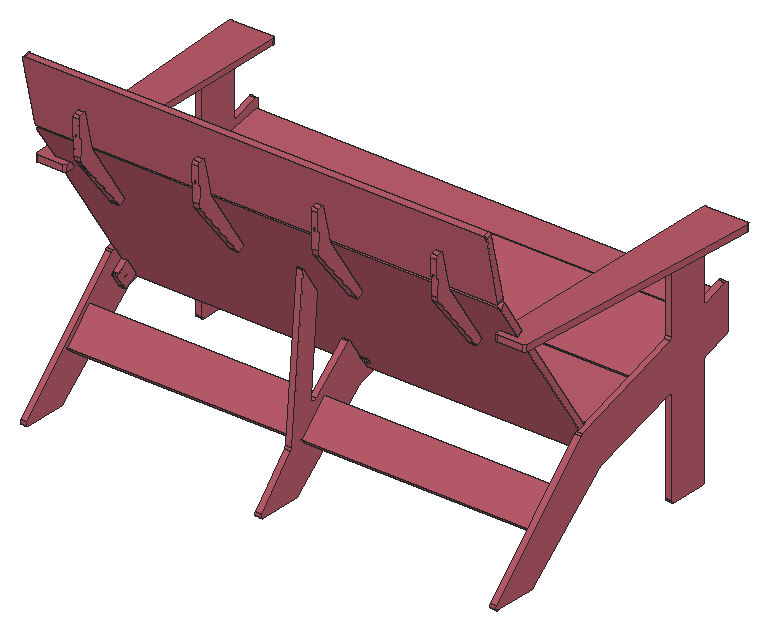
Revit family "Lollygagger_Tall_Sofa", category Furniture, Revit 2016
Family settings
  OmniClass Number = 23.40.20.00
  OmniClass Title = General Furniture and Specialties
  Work Plane-Based = No
  Always vertical = Yes
  Cut with Voids When Loaded = No
  Shared = No
  Room Calculation Point = No
Parameters (values of type "Loll-Apple")
  Width = 29 17/64"  # constant formula
  URL = "https://lolldesigns.com/"
  Type Image = lollygagger_sofatall.jpg
  Type Comments = ""
  Thick = 5/8"  # constant formula
  Model = ""
  Manufacturer = "Loll"  # constant formula
  Length = 47 5/8"  # constant formula
  Keynote = ""
  Height Arm = 22 217/256"  # constant formula
  Finish Material = Loll-Apple
Reference planes (in)
  plane 1 "Center Front/Back": y = 0
  plane 2: z = 0
  plane 3 "Center Left/Right": x = 0
  plane 4: x = 23.8125
  plane 5: x = -23.8125
  plane 6: y = -14.74047
  plane 7: x = 23.1875
  plane 8: x = -23.1875
  plane 9: y = 14.74047
Forms (in)
  Extrusion 1, solid, material "Loll-Apple" <- "Finish Material"
    sketch origin (-23.38537, 1.93943, 22.22123) x (0, 1, 0) y (1, 0, 0)
      loop
        arc (-13.19896, 1.88537) -> (-13.37574, 1.81215) -> (-13.44896, 1.63537) r 0.25
        line (-13.44896, 1.63537) -> (-13.44896, -0.8785)
        arc (-13.44896, -0.8785) -> (-13.38071, -1.05017) -> (-13.21322, -1.1281) r 0.25
        line (-13.21322, -1.1281) -> (12.53678, -2.59953)
        arc (12.53678, -2.59953) -> (12.7227, -2.53168) -> (12.80104, -2.34993) r 0.25
        line (12.80104, -2.34993) -> (12.80104, 1.63537)
        arc (12.80104, 1.63537) -> (12.72782, 1.81215) -> (12.55104, 1.88537) r 0.25
        line (12.55104, 1.88537) -> (-13.19896, 1.88537)
    from 0 to -0.625
  Extrusion 2, solid, material "Loll-Apple" <- "Finish Material"
    sketch origin (0, -6.42158, 17.33828) x (-1, 0, 0) y (0, -0.544639, 0.838671)
      loop
        arc (-22.9375, 11.18421) -> (-23.11428, 11.11098) -> (-23.1875, 10.93421) r 0.25
        line (-23.1875, 10.93421) -> (-23.1875, 7.0087)
        arc (-23.1875, 7.0087) -> (-23.15089, 6.92031) -> (-23.0625, 6.8837) r 0.125
        line (-23.0625, 6.8837) -> (-21.75, 6.8837)
        arc (-21.75, 6.8837) -> (-21.57322, 6.81048) -> (-21.5, 6.6337) r 0.25
        line (-21.5, 6.6337) -> (-21.5, 6.53474)
        arc (-21.5, 6.53474) -> (-21.57322, 6.35796) -> (-21.75, 6.28474) r 0.25
        line (-21.75, 6.28474) -> (-23.0625, 6.28474)
        arc (-23.0625, 6.28474) -> (-23.15089, 6.24812) -> (-23.1875, 6.15974) r 0.125
        line (-23.1875, 6.15974) -> (-23.1875, -7.81579) -> (-23.4375, -7.81579)
        arc (-23.4375, -7.81579) -> (-23.52589, -7.8524) -> (-23.5625, -7.94079) r 0.125
        line (-23.5625, -7.94079) -> (-23.5625, -10.69079)
        arc (-23.5625, -10.69079) -> (-23.52589, -10.77918) -> (-23.4375, -10.81579) r 0.125
        line (-23.4375, -10.81579) -> (-0.4525, -10.81579)
        arc (-0.4525, -10.81579) -> (-0.36411, -10.77918) -> (-0.3275, -10.69079) r 0.125
        line (-0.3275, -10.69079) -> (-0.3275, -8.06579) -> (-0.0675, -8.06579) -> (-0.0675, -8.19079) -> (0.0675, -8.19079) -> (0.0675, -8.06579) -> (0.3275, -8.06579) -> (0.3275, -10.69079)
        arc (0.3275, -10.69079) -> (0.36411, -10.77918) -> (0.4525, -10.81579) r 0.125
        line (0.4525, -10.81579) -> (23.4375, -10.81579)
        arc (23.4375, -10.81579) -> (23.52589, -10.77918) -> (23.5625, -10.69079) r 0.125
        line (23.5625, -10.69079) -> (23.5625, -7.94079)
        arc (23.5625, -7.94079) -> (23.52589, -7.8524) -> (23.4375, -7.81579) r 0.125
        line (23.4375, -7.81579) -> (23.1875, -7.81579) -> (23.1875, 6.15974)
        arc (23.1875, 6.15974) -> (23.15089, 6.24812) -> (23.0625, 6.28474) r 0.125
        line (23.0625, 6.28474) -> (21.75, 6.28474)
        arc (21.75, 6.28474) -> (21.57322, 6.35796) -> (21.5, 6.53474) r 0.25
        line (21.5, 6.53474) -> (21.5, 6.6337)
        arc (21.5, 6.6337) -> (21.57322, 6.81048) -> (21.75, 6.8837) r 0.25
        line (21.75, 6.8837) -> (23.0625, 6.8837)
        arc (23.0625, 6.8837) -> (23.15089, 6.92031) -> (23.1875, 7.0087) r 0.125
        line (23.1875, 7.0087) -> (23.1875, 10.93421)
        arc (23.1875, 10.93421) -> (23.11428, 11.11098) -> (22.9375, 11.18421) r 0.25
        line (22.9375, 11.18421) -> (-22.9375, 11.18421)
    from 0 to -0.625
  Extrusion 3, solid, material "Loll-Apple" <- "Finish Material", not visible
    sketch origin (-23.38537, 1.93943, 22.22123) x (0, 1, 0) y (1, 0, 0)
      loop
        arc (-13.19896, 1.88537) -> (-13.37574, 1.81215) -> (-13.44896, 1.63537) r 0.25
        line (-13.44896, 1.63537) -> (-13.44896, -0.8785)
        arc (-13.44896, -0.8785) -> (-13.38071, -1.05017) -> (-13.21322, -1.1281) r 0.25
        line (-13.21322, -1.1281) -> (12.53678, -2.59953)
        arc (12.53678, -2.59953) -> (12.7227, -2.53168) -> (12.80104, -2.34993) r 0.25
        line (12.80104, -2.34993) -> (12.80104, 1.63537)
        arc (12.80104, 1.63537) -> (12.72782, 1.81215) -> (12.55104, 1.88537) r 0.25
        line (12.55104, 1.88537) -> (-13.19896, 1.88537)
    from 0 to -0.625
  Extrusion 4, solid, material "Loll-Apple" <- "Finish Material"
    sketch origin (23.38537, -1.93943, 22.22123) x (0, -1, 0) y (-1, 0, 0)
      loop
        line (9.32009, 1.88537) -> (-16.42991, 1.88537)
        arc (-16.42991, 1.88537) -> (-16.60669, 1.81215) -> (-16.67991, 1.63537) r 0.25
        line (-16.67991, 1.63537) -> (-16.67991, -2.34993)
        arc (-16.67991, -2.34993) -> (-16.60157, -2.53168) -> (-16.41565, -2.59953) r 0.25
        line (-16.41565, -2.59953) -> (9.33435, -1.1281)
        arc (9.33435, -1.1281) -> (9.50184, -1.05017) -> (9.57009, -0.8785) r 0.25
        line (9.57009, -0.8785) -> (9.57009, 1.63537)
        arc (9.57009, 1.63537) -> (9.49687, 1.81215) -> (9.32009, 1.88537) r 0.25
    from 0 to -0.625
  Extrusion 5, solid, material "Loll-Apple" <- "Finish Material"
    sketch origin (0, 0.96383, 11.93975) x (1, 0, 0) y (0, 0.978148, 0.207912)
      loop
        line (-23.375, -3) -> (23.375, -3)
        arc (23.375, -3) -> (23.46339, -2.96339) -> (23.5, -2.875) r 0.125
        line (23.5, -2.875) -> (23.5, 2.875)
        arc (23.5, 2.875) -> (23.46339, 2.96339) -> (23.375, 3) r 0.125
        line (23.375, 3) -> (-23.375, 3)
        arc (-23.375, 3) -> (-23.46339, 2.96339) -> (-23.5, 2.875) r 0.125
        line (-23.5, 2.875) -> (-23.5, -2.875)
        arc (-23.5, -2.875) -> (-23.46339, -2.96339) -> (-23.375, -3) r 0.125
    from 0 to -0.625
  Extrusion 6, solid, material "Loll-Apple" <- "Finish Material"
    sketch origin (0, 9.35533, 14.03025) x (0, 0.930418, 0.366501) y (1, 0, 0)
      loop
        line (-5.49076, 23.1875) -> (-5.49076, -23.1875) -> (2.23887, -23.1875) -> (2.23887, 23.1875) -> (-5.49076, 23.1875)
    from 0 to -0.625
  Extrusion 7, solid, material "Loll-Apple" <- "Finish Material"
    sketch origin (0, 10.86547, 10.61702) x (0, 0, 1) y (-1, 0, 0)
      loop
        line (-10.34704, -21.4375) -> (-10.34704, -23.375)
        arc (-10.34704, -23.375) -> (-10.31043, -23.46339) -> (-10.22204, -23.5) r 0.125
        line (-10.22204, -23.5) -> (4.49046, -23.5)
        arc (4.49046, -23.5) -> (4.57885, -23.46339) -> (4.61546, -23.375) r 0.125
        line (4.61546, -23.375) -> (4.61546, 23.375)
        arc (4.61546, 23.375) -> (4.57885, 23.46339) -> (4.49046, 23.5) r 0.125
        line (4.49046, 23.5) -> (-10.22204, 23.5)
        arc (-10.22204, 23.5) -> (-10.31043, 23.46339) -> (-10.34704, 23.375) r 0.125
        line (-10.34704, 23.375) -> (-10.34704, 21.4375)
        arc (-10.34704, 21.4375) -> (-10.27382, 21.26072) -> (-10.09704, 21.1875) r 0.25
        line (-10.09704, 21.1875) -> (0.23046, 21.1875)
        arc (0.23046, 21.1875) -> (0.4143, 21.11135) -> (0.49046, 20.9275) r 0.26
        line (0.49046, 20.9275) -> (0.49046, -20.9275)
        arc (0.49046, -20.9275) -> (0.4143, -21.11135) -> (0.23046, -21.1875) r 0.26
        line (0.23046, -21.1875) -> (-10.09704, -21.1875)
        arc (-10.09704, -21.1875) -> (-10.27382, -21.26072) -> (-10.34704, -21.4375) r 0.25
    from 0 to -0.625
  Extrusion 8, solid, material "Loll-Apple" <- "Finish Material"
    sketch origin (-23.1875, 3.48106, 9.27315) x (0, 1, 0) y (0, 0, 1)
      loop
        arc (4.25942, 5.65273) -> (4.21167, 5.50578) -> (4.08667, 5.41497) r 0.25
        line (4.08667, 5.41497) -> (-6.86864, 1.85537)
        arc (-6.86864, 1.85537) -> (-6.97538, 1.80616) -> (-7.06769, 1.73339) r 0.5
        line (-7.06769, 1.73339) -> (-17.64745, -8.84637)
        arc (-17.64745, -8.84637) -> (-17.70164, -9.11882) -> (-17.47067, -9.27315) r 0.25
        line (-17.47067, -9.27315) -> (-13.29968, -9.27315)
        arc (-13.29968, -9.27315) -> (-13.21286, -9.25759) -> (-13.13684, -9.21284) r 0.25
        line (-13.13684, -9.21284) -> (-4.90461, -2.14571)
        arc (-4.90461, -2.14571) -> (-4.82243, -2.0884) -> (-4.73048, -2.04861) r 0.5
        line (-4.73048, -2.04861) -> (3.93364, 0.70731)
        arc (3.93364, 0.70731) -> (4.15699, 0.67087) -> (4.25942, 0.46908) r 0.25
        line (4.25942, 0.46908) -> (4.25942, -9.02315)
        arc (4.25942, -9.02315) -> (4.33264, -9.19993) -> (4.50942, -9.27315) r 0.25
        line (4.50942, -9.27315) -> (8.00942, -9.27315)
        arc (8.00942, -9.27315) -> (8.18619, -9.19993) -> (8.25942, -9.02315) r 0.25
        line (8.25942, -9.02315) -> (8.25942, 1.90046)
        arc (8.25942, 1.90046) -> (8.30762, 2.04803) -> (8.43364, 2.1387) r 0.25
        line (8.43364, 2.1387) -> (11.0852, 2.98212)
        arc (11.0852, 2.98212) -> (11.21122, 3.07279) -> (11.25942, 3.22036) r 0.25
        line (11.25942, 3.22036) -> (11.25942, 7.40144)
        arc (11.25942, 7.40144) -> (11.15636, 7.60369) -> (10.93216, 7.6392) r 0.25
        line (10.93216, 7.6392) -> (8.58667, 6.8771)
        arc (8.58667, 6.8771) -> (8.36247, 6.91261) -> (8.25942, 7.11487) r 0.25
        line (8.25942, 7.11487) -> (8.25942, 12.94809) -> (4.25942, 12.94809) -> (4.25942, 5.65273)
    from 0 to -0.625
  Extrusion 9, solid, material "Loll-Apple" <- "Finish Material", not visible
    sketch origin (-23.1875, 3.48106, 9.27315) x (0, 1, 0) y (0, 0, 1)
      loop
        arc (4.25942, 5.65273) -> (4.21167, 5.50578) -> (4.08667, 5.41497) r 0.25
        line (4.08667, 5.41497) -> (-6.86864, 1.85537)
        arc (-6.86864, 1.85537) -> (-6.97538, 1.80616) -> (-7.06769, 1.73339) r 0.5
        line (-7.06769, 1.73339) -> (-17.64745, -8.84637)
        arc (-17.64745, -8.84637) -> (-17.70164, -9.11882) -> (-17.47067, -9.27315) r 0.25
        line (-17.47067, -9.27315) -> (-13.29968, -9.27315)
        arc (-13.29968, -9.27315) -> (-13.21286, -9.25759) -> (-13.13684, -9.21284) r 0.25
        line (-13.13684, -9.21284) -> (-4.90461, -2.14571)
        arc (-4.90461, -2.14571) -> (-4.82243, -2.0884) -> (-4.73048, -2.04861) r 0.5
        line (-4.73048, -2.04861) -> (3.93364, 0.70731)
        arc (3.93364, 0.70731) -> (4.15699, 0.67087) -> (4.25942, 0.46908) r 0.25
        line (4.25942, 0.46908) -> (4.25942, -9.02315)
        arc (4.25942, -9.02315) -> (4.33264, -9.19993) -> (4.50942, -9.27315) r 0.25
        line (4.50942, -9.27315) -> (8.00942, -9.27315)
        arc (8.00942, -9.27315) -> (8.18619, -9.19993) -> (8.25942, -9.02315) r 0.25
        line (8.25942, -9.02315) -> (8.25942, 1.90046)
        arc (8.25942, 1.90046) -> (8.30762, 2.04803) -> (8.43364, 2.1387) r 0.25
        line (8.43364, 2.1387) -> (11.0852, 2.98212)
        arc (11.0852, 2.98212) -> (11.21122, 3.07279) -> (11.25942, 3.22036) r 0.25
        line (11.25942, 3.22036) -> (11.25942, 7.40144)
        arc (11.25942, 7.40144) -> (11.15636, 7.60369) -> (10.93216, 7.6392) r 0.25
        line (10.93216, 7.6392) -> (8.58667, 6.8771)
        arc (8.58667, 6.8771) -> (8.36247, 6.91261) -> (8.25942, 7.11487) r 0.25
        line (8.25942, 7.11487) -> (8.25942, 12.94809) -> (4.25942, 12.94809) -> (4.25942, 5.65273)
    from 0 to -0.625
  Extrusion 10, solid, material "Loll-Apple" <- "Finish Material"
    sketch origin (23.1875, -3.48106, 9.27315) x (0, -1, 0) y (0, 0, 1)
      loop
        line (-11.22153, 5.65273) -> (-11.22153, 12.94809) -> (-15.22153, 12.94809) -> (-15.22153, 7.11487)
        arc (-15.22153, 7.11487) -> (-15.32459, 6.91261) -> (-15.54879, 6.8771) r 0.25
        line (-15.54879, 6.8771) -> (-17.89428, 7.6392)
        arc (-17.89428, 7.6392) -> (-18.11848, 7.60369) -> (-18.22153, 7.40144) r 0.25
        line (-18.22153, 7.40144) -> (-18.22153, 3.22036)
        arc (-18.22153, 3.22036) -> (-18.17333, 3.07279) -> (-18.04731, 2.98212) r 0.25
        line (-18.04731, 2.98212) -> (-15.39575, 2.1387)
        arc (-15.39575, 2.1387) -> (-15.26973, 2.04803) -> (-15.22153, 1.90046) r 0.25
        line (-15.22153, 1.90046) -> (-15.22153, -9.02315)
        arc (-15.22153, -9.02315) -> (-15.14831, -9.19993) -> (-14.97153, -9.27315) r 0.25
        line (-14.97153, -9.27315) -> (-11.47153, -9.27315)
        arc (-11.47153, -9.27315) -> (-11.29475, -9.19993) -> (-11.22153, -9.02315) r 0.25
        line (-11.22153, -9.02315) -> (-11.22153, 0.46908)
        arc (-11.22153, 0.46908) -> (-11.1191, 0.67087) -> (-10.89575, 0.70731) r 0.25
        line (-10.89575, 0.70731) -> (-2.23163, -2.04861)
        arc (-2.23163, -2.04861) -> (-2.13968, -2.0884) -> (-2.05751, -2.14571) r 0.5
        line (-2.05751, -2.14571) -> (6.17472, -9.21284)
        arc (6.17472, -9.21284) -> (6.25074, -9.25759) -> (6.33757, -9.27315) r 0.25
        line (6.33757, -9.27315) -> (10.50856, -9.27315)
        arc (10.50856, -9.27315) -> (10.73953, -9.11882) -> (10.68534, -8.84637) r 0.25
        line (10.68534, -8.84637) -> (0.10557, 1.73339)
        arc (0.10557, 1.73339) -> (0.01327, 1.80616) -> (-0.09347, 1.85537) r 0.5
        line (-0.09347, 1.85537) -> (-11.04879, 5.41497)
        arc (-11.04879, 5.41497) -> (-11.17379, 5.50578) -> (-11.22153, 5.65273) r 0.25
    from 0 to -0.625
  Extrusion 11, solid, material "Loll-Apple" <- "Finish Material"
    sketch origin (0, -13.95315, 30.09055) x (0, -0.224951, 0.97437) y (-1, 0, 0)
      loop
        line (3.5, -22.9375) -> (3.5, 22.9375)
        arc (3.5, 22.9375) -> (3.42678, 23.11428) -> (3.25, 23.1875) r 0.25
        line (3.25, 23.1875) -> (-3.25, 23.1875)
        arc (-3.25, 23.1875) -> (-3.42678, 23.11428) -> (-3.5, 22.9375) r 0.25
        line (-3.5, 22.9375) -> (-3.5, -22.9375)
        arc (-3.5, -22.9375) -> (-3.42678, -23.11428) -> (-3.25, -23.1875) r 0.25
        line (-3.25, -23.1875) -> (3.25, -23.1875)
        arc (3.25, -23.1875) -> (3.42678, -23.11428) -> (3.5, -22.9375) r 0.25
    from 0 to -0.625
  Extrusion 12, solid, material "Loll-Apple" <- "Finish Material"
    sketch origin (0, -7.83102, 6.32021) x (1, 0, 0) y (0, 0.707107, 0.707107)
      loop
        line (23.1875, 2) -> (-23.1875, 2) -> (-23.1875, -2) -> (23.1875, -2) -> (23.1875, 2)
    from 0 to -0.625
  Extrusion 13, solid, material "Loll-Apple" <- "Finish Material"
    sketch origin (0.3125, -3.16047, 9.71282) x (0, 1, 0) y (0, 0, 1)
      loop
        arc (-0.01852, 1.4572) -> (-0.10572, 1.51304) -> (-0.2052, 1.48431) r 0.12547
        line (-0.2052, 1.48431) -> (-4.1341, -1.86808)
        arc (-4.1341, -1.86808) -> (-4.68768, -1.93218) -> (-4.95674, -1.44414) r 0.5
        line (-4.95674, -1.44414) -> (-4.16565, 7.598)
        arc (-4.16565, 7.598) -> (-4.14095, 7.68095) -> (-4.08559, 7.74748) r 0.21546
        line (-4.08559, 7.74748) -> (-5.85993, 10.47973)
        arc (-5.85993, 10.47973) -> (-5.90747, 10.44037) -> (-5.92966, 10.38277) r 0.12194
        line (-5.92966, 10.38277) -> (-7.27041, -4.94205)
        arc (-7.27041, -4.94205) -> (-7.30943, -5.09659) -> (-7.39511, -5.231) r 0.5
        line (-7.39511, -5.231) -> (-11.01585, -9.29655)
        arc (-11.01585, -9.29655) -> (-11.05726, -9.56513) -> (-10.82915, -9.71282) r 0.25
        line (-10.82915, -9.71282) -> (-6.65816, -9.71282)
        arc (-6.65816, -9.71282) -> (-6.57133, -9.69726) -> (-6.49532, -9.65251) r 0.25
        line (-6.49532, -9.65251) -> (1.16027, -3.08042)
        arc (1.16027, -3.08042) -> (1.21101, -3.04569) -> (1.26806, -3.02276) r 0.28239
        line (1.26806, -3.02276) -> (10.06174, -0.56005)
        arc (10.06174, -0.56005) -> (11.92721, 0.3325) -> (13.3788, 1.80542) r 5.99956
        arc (13.3788, 1.80542) -> (13.49962, 1.90475) -> (13.65094, 1.94431) r 0.36457
        line (13.65094, 1.94431) -> (13.65094, 4.07223)
        arc (13.65094, 4.07223) -> (13.6143, 4.16068) -> (13.52585, 4.19732) r 0.12509
        line (13.52585, 4.19732) -> (13.55941, 4.19732)
        arc (13.55941, 4.19732) -> (13.27801, 4.28403) -> (13.09421, 4.51407) r 0.5
        line (13.09421, 4.51407) -> (13.0144, 4.71666)
        arc (13.0144, 4.71666) -> (12.94859, 4.78481) -> (12.85387, 4.78647) r 0.12378
        line (12.85387, 4.78647) -> (7.21025, 2.56339) -> (1.10257, 1.26516)
        arc (1.10257, 1.26516) -> (0.99946, 1.1794) -> (1.01173, 1.04584) r 0.14402
        line (1.01173, 1.04584) -> (1.19991, 0.75608) -> (0.66316, 0.40751) -> (-0.01852, 1.4572)
    from 0 to -0.625
  Extrusion 14, solid, material "Loll-Apple" <- "Finish Material"
    sketch origin (0, 6.13105, 11.6678) x (-1, 0, 0) y (0, -0.366501, 0.930418)
      loop
        line (-23.1875, -1.24364) -> (23.1875, -1.24364) -> (23.1875, 1.25636) -> (-23.1875, 1.25636) -> (-23.1875, -1.24364)
    from 0 to -0.375
  Extrusion 15, solid, material "Loll-Apple" <- "Finish Material"
    sketch origin (0, 1.30509, 10.33426) x (0, -0.207912, 0.978148) y (-1, 0, 0)
      loop
        line (-1.24364, 23.1875) -> (-1.24364, -23.1875) -> (1.25636, -23.1875) -> (1.25636, 23.1875) -> (-1.24364, 23.1875)
    from 0 to -0.375
  Extrusion 16, solid, material "Loll-Apple" <- "Finish Material", not visible
    sketch origin (-22.5625, -10.25518, 2.83248) x (0, -1, 0) y (0, 0, -1)
      loop
        line (-21.12065, 1) -> (-21.12065, -1) -> (-19.80713, -1)
        arc (-19.80713, -1) -> (-19.63108, -0.92708) -> (-19.55815, -0.75102) r 0.24898
        line (-19.55815, -0.75102) -> (-19.55815, 0.75)
        arc (-19.55815, 0.75) -> (-19.63138, 0.92678) -> (-19.80815, 1) r 0.25
        line (-19.80815, 1) -> (-21.12065, 1)
      loop
        circle (-20.18304, -0.00097) r 0.15438
    from 0 to -0.625
  Extrusion 17, solid, material "Loll-Apple" <- "Finish Material", not visible
    sketch origin (-23.1875, -9.3921, 12.93139) x (0, -1, 0) y (0, 0, 1)
      loop
        circle (-18.7774, -0.01108) r 0.15496
      loop
        line (-19.88257, 0.9872) -> (-19.88257, -1.52125) -> (-19.45061, -1.52125)
        arc (-19.45061, -1.52125) -> (-18.0436, -1.08772) -> (-17.12457, 0.0625) r 2.5
        line (-17.12457, 0.0625) -> (-16.98916, 0.40626) -> (-19.31599, 1.32282)
        arc (-19.31599, 1.32282) -> (-19.53623, 1.04856) -> (-19.88257, 0.9872) r 0.5
    from 0 to -0.625
  Extrusion 18, solid, material "Loll-Apple" <- "Finish Material", not visible
    sketch origin (-22.5625, -3.48106, 9.27315) x (0, -1, 0) y (0, 0, 1)
      loop
        line (-5.30845, 2.21119) -> (-7.26474, 2.62702) -> (-7.53763, 1.3432)
        arc (-7.53763, 1.3432) -> (-7.50276, 1.15506) -> (-7.34507, 1.04668) r 0.25
        line (-7.34507, 1.04668) -> (-5.87785, 0.73482)
        arc (-5.87785, 0.73482) -> (-5.68971, 0.76968) -> (-5.58133, 0.92737) r 0.25
        line (-5.58133, 0.92737) -> (-5.30845, 2.21119)
      loop
        circle (-6.48116, 1.5021) r 0.15469
    from 0 to 0.625
  Extrusion 19, solid, material "Loll-Apple" <- "Finish Material", not visible
    sketch origin (-22.5625, -3.48106, 9.27315) x (0, -1, 0) y (0, 0, 1)
      loop
        line (-1.06441, 0.75052) -> (-2.15369, -0.92682) -> (-1.05293, -1.64166)
        arc (-1.05293, -1.64166) -> (-0.86479, -1.67653) -> (-0.70711, -1.56815) r 0.25
        line (-0.70711, -1.56815) -> (0.10985, -0.31015)
        arc (0.10985, -0.31015) -> (0.14472, -0.12201) -> (0.03635, 0.03568) r 0.25
        line (0.03635, 0.03568) -> (-1.06441, 0.75052)
      loop
        circle (-0.82239, -0.59897) r 0.15467
    from 0 to 0.625
  Extrusion 20, solid, material "Loll-Apple" <- "Finish Material", not visible
    sketch origin (-22.5625, -3.48106, 9.27315) x (0, -1, 0) y (0, 0, 1)
      loop
        line (4.61513, -4.10199) -> (3.20092, -2.68778) -> (2.27284, -3.61585)
        arc (2.27284, -3.61585) -> (2.19962, -3.79263) -> (2.27284, -3.96941) r 0.25
        line (2.27284, -3.96941) -> (3.3335, -5.03007)
        arc (3.3335, -5.03007) -> (3.51028, -5.10329) -> (3.68705, -5.03007) r 0.25
        line (3.68705, -5.03007) -> (4.61513, -4.10199)
      loop
        circle (3.24561, -4.05688) r 0.15525
    from 0 to 0.625
  Extrusion 21, solid, material "Aluminum", not visible
    sketch origin (-22.36463, -1.93943, 22.22123) x (1, 0, 0) y (0, -1, 0)
      loop
        arc (-0.26037, -11.99241) -> (0.05213, -11.67991) -> (-0.26037, -11.36741) r 0.3125
        line (-0.26037, -11.36741) -> (-2.01037, -11.36741)
        arc (-2.01037, -11.36741) -> (-2.32287, -11.67991) -> (-2.01037, -11.99241) r 0.3125
        line (-2.01037, -11.99241) -> (-0.26037, -11.99241)
      loop
        circle (-0.26022, -11.68099) r 0.14929
      loop
        circle (-2.01053, -11.68099) r 0.14929
    from 0 to 0.0725
  Extrusion 22, solid, material "Loll-Apple" <- "Finish Material"
    sketch origin (0, 10.86547, 10.61702) x (0, 0, 1) y (-1, 0, 0)
      loop
        line (0.49046, 23.1875) -> (0.49046, -23.1875) -> (4.43546, -23.1875) -> (4.43546, 23.1875) -> (0.49046, 23.1875)
      loop
        circle (2.33811, 13.51838) r 0.15261
      loop
        circle (2.33811, 4.50608) r 0.15261
      loop
        circle (2.33811, -13.51838) r 0.15261
      loop
        circle (2.33811, -4.50608) r 0.15261
    from 0 to 0.375
  Extrusion 23, solid, material "Aluminum", not visible
    sketch origin (-45.75, -6.94575, 16.99788) x (1, 0, 0) y (0, -0.544639, 0.838671)
      loop
        arc (23.8125, 6.24793) -> (23.76338, 6.36652) -> (23.64479, 6.41564) r 0.16771
        line (23.64479, 6.41564) -> (22.96805, 6.41564)
        arc (22.96805, 6.41564) -> (22.85806, 6.37008) -> (22.8125, 6.26009) r 0.15555
        line (22.8125, 6.26009) -> (22.8125, 6.04064) -> (23.02091, 5.55275)
        arc (23.02091, 5.55275) -> (23.3125, 5.36022) -> (23.60409, 5.55275) r 0.31708
        line (23.60409, 5.55275) -> (23.8125, 6.04064) -> (23.8125, 6.24793)
      loop
        circle (23.31763, 5.67339) r 0.14853
    from 0 to 0.065
  Extrusion 24, solid, material "Loll-Apple" <- "Finish Material"
    sketch origin (-18.1875, -12.38505, 24.77911) x (0, 0.224951, -0.97437) y (0, -0.97437, -0.224951)
      loop
        line (-5.53464, 0.33309) -> (-1.92142, 0.33309)
        arc (-1.92142, 0.33309) -> (-1.86284, 0.32797) -> (-1.80603, 0.31275) r 0.33738
        line (-1.80603, 0.31275) -> (5.23059, -2.24837) -> (5.40774, -1.76166)
        arc (5.40774, -1.76166) -> (5.40421, -1.58153) -> (5.28052, -1.45055) r 0.25
        line (5.28052, -1.45055) -> (-1.29837, 1.69031)
        arc (-1.29837, 1.69031) -> (-1.60413, 1.78003) -> (-1.9226, 1.769) r 1
        line (-1.9226, 1.769) -> (-5.33299, 1.09672)
        arc (-5.33299, 1.09672) -> (-5.47776, 1.01021) -> (-5.53464, 0.85144) r 0.25
        line (-5.53464, 0.85144) -> (-5.53464, 0.33309)
    from 0 to -0.625
  Extrusion 25, void
    sketch origin (-18.1875, -14.5412, 26.25449) x (0, -0.032257, 0.99948) y (-1, 0, 0)
      loop
        circle (1.90046, -0.31296) r 0.12341
    from -1.3884 to 0
  Extrusion 26, solid, material "Loll-Apple" <- "Finish Material", not visible
    sketch origin (-18.1875, -12.38505, 24.77911) x (0, 0.224951, -0.97437) y (0, -0.97437, -0.224951)
      loop
        line (-5.53464, 0.33309) -> (-1.92142, 0.33309)
        arc (-1.92142, 0.33309) -> (-1.86284, 0.32797) -> (-1.80603, 0.31275) r 0.33738
        line (-1.80603, 0.31275) -> (5.23059, -2.24837) -> (5.40774, -1.76166)
        arc (5.40774, -1.76166) -> (5.40421, -1.58153) -> (5.28052, -1.45055) r 0.25
        line (5.28052, -1.45055) -> (-1.29837, 1.69031)
        arc (-1.29837, 1.69031) -> (-1.60413, 1.78003) -> (-1.9226, 1.769) r 1
        line (-1.9226, 1.769) -> (-5.33299, 1.09672)
        arc (-5.33299, 1.09672) -> (-5.47776, 1.01021) -> (-5.53464, 0.85144) r 0.25
        line (-5.53464, 0.85144) -> (-5.53464, 0.33309)
    from 0 to -0.625
  Extrusion 27, void, not visible
    sketch origin (-18.1875, -14.5412, 26.25449) x (0, -0.032257, 0.99948) y (-1, 0, 0)
      loop
        circle (1.90046, -0.31296) r 0.12341
    from -1.3884 to 0
  Extrusion 28, solid, material "Loll-Apple" <- "Finish Material"
    sketch origin (-6.27083, -12.38505, 24.77911) x (0, 0.224951, -0.97437) y (0, -0.97437, -0.224951)
      loop
        line (-5.53464, 0.33309) -> (-1.92142, 0.33309)
        arc (-1.92142, 0.33309) -> (-1.86284, 0.32797) -> (-1.80603, 0.31275) r 0.33738
        line (-1.80603, 0.31275) -> (5.23059, -2.24837) -> (5.40774, -1.76166)
        arc (5.40774, -1.76166) -> (5.40421, -1.58153) -> (5.28052, -1.45055) r 0.25
        line (5.28052, -1.45055) -> (-1.29837, 1.69031)
        arc (-1.29837, 1.69031) -> (-1.60413, 1.78003) -> (-1.9226, 1.769) r 1
        line (-1.9226, 1.769) -> (-5.33299, 1.09672)
        arc (-5.33299, 1.09672) -> (-5.47776, 1.01021) -> (-5.53464, 0.85144) r 0.25
        line (-5.53464, 0.85144) -> (-5.53464, 0.33309)
    from 0 to -0.625
  Extrusion 29, void
    sketch origin (-6.27083, -14.5412, 26.25449) x (0, -0.032257, 0.99948) y (-1, 0, 0)
      loop
        circle (1.90046, -0.31296) r 0.12341
    from -1.3884 to 0
  Extrusion 30, solid, material "Loll-Apple" <- "Finish Material"
    sketch origin (5.64583, -12.38505, 24.77911) x (0, 0.224951, -0.97437) y (0, -0.97437, -0.224951)
      loop
        line (-5.53464, 0.33309) -> (-1.92142, 0.33309)
        arc (-1.92142, 0.33309) -> (-1.86284, 0.32797) -> (-1.80603, 0.31275) r 0.33738
        line (-1.80603, 0.31275) -> (5.23059, -2.24837) -> (5.40774, -1.76166)
        arc (5.40774, -1.76166) -> (5.40421, -1.58153) -> (5.28052, -1.45055) r 0.25
        line (5.28052, -1.45055) -> (-1.29837, 1.69031)
        arc (-1.29837, 1.69031) -> (-1.60413, 1.78003) -> (-1.9226, 1.769) r 1
        line (-1.9226, 1.769) -> (-5.33299, 1.09672)
        arc (-5.33299, 1.09672) -> (-5.47776, 1.01021) -> (-5.53464, 0.85144) r 0.25
        line (-5.53464, 0.85144) -> (-5.53464, 0.33309)
    from 0 to -0.625
  Extrusion 31, void
    sketch origin (5.64583, -14.5412, 26.25449) x (0, -0.032257, 0.99948) y (-1, 0, 0)
      loop
        circle (1.90046, -0.31296) r 0.12341
    from -1.3884 to 0
  Extrusion 32, solid, material "Loll-Apple" <- "Finish Material"
    sketch origin (17.5625, -12.38505, 24.77911) x (0, 0.224951, -0.97437) y (0, -0.97437, -0.224951)
      loop
        line (-5.53464, 0.33309) -> (-1.92142, 0.33309)
        arc (-1.92142, 0.33309) -> (-1.86284, 0.32797) -> (-1.80603, 0.31275) r 0.33738
        line (-1.80603, 0.31275) -> (5.23059, -2.24837) -> (5.40774, -1.76166)
        arc (5.40774, -1.76166) -> (5.40421, -1.58153) -> (5.28052, -1.45055) r 0.25
        line (5.28052, -1.45055) -> (-1.29837, 1.69031)
        arc (-1.29837, 1.69031) -> (-1.60413, 1.78003) -> (-1.9226, 1.769) r 1
        line (-1.9226, 1.769) -> (-5.33299, 1.09672)
        arc (-5.33299, 1.09672) -> (-5.47776, 1.01021) -> (-5.53464, 0.85144) r 0.25
        line (-5.53464, 0.85144) -> (-5.53464, 0.33309)
    from 0 to -0.625
  Extrusion 33, void
    sketch origin (17.5625, -14.5412, 26.25449) x (0, -0.032257, 0.99948) y (-1, 0, 0)
      loop
        circle (1.90046, -0.31296) r 0.12341
    from -1.3884 to 0
  Extrusion 34, solid, material "Loll-Apple" <- "Finish Material"
    sketch origin (-0.3125, -3.48106, 9.27315) x (0, -1, 0) y (0, 0, 1)
      loop
        line (4.61513, -4.10199) -> (3.20092, -2.68778) -> (2.27284, -3.61585)
        arc (2.27284, -3.61585) -> (2.19962, -3.79263) -> (2.27284, -3.96941) r 0.25
        line (2.27284, -3.96941) -> (3.3335, -5.03007)
        arc (3.3335, -5.03007) -> (3.51028, -5.10329) -> (3.68705, -5.03007) r 0.25
        line (3.68705, -5.03007) -> (4.61513, -4.10199)
      loop
        circle (3.24561, -4.05688) r 0.15525
    from 0 to 0.625
  Extrusion 35, solid, material "Aluminum"
    sketch origin (0, -6.94575, 16.99788) x (1, 0, 0) y (0, -0.544639, 0.838671)
      loop
        arc (0.875, -9.81579) -> (1.1875, -9.50329) -> (0.875, -9.19079) r 0.3125
        line (0.875, -9.19079) -> (-0.875, -9.19079)
        arc (-0.875, -9.19079) -> (-1.1875, -9.50329) -> (-0.875, -9.81579) r 0.3125
        line (-0.875, -9.81579) -> (0.875, -9.81579)
      loop
        circle (-0.87413, -9.50102) r 0.14956
      loop
        circle (0.87914, -9.50136) r 0.15087
    from 0 to 0.0625
  Extrusion 36, solid, material "Loll-Apple" <- "Finish Material"
    sketch origin (0, 10.49047, 10.61702) x (0, 0, 1) y (-1, 0, 0)
      loop
        line (3.40296, 0.3125) -> (3.40296, 1.62367)
        arc (3.40296, 1.62367) -> (3.32934, 1.80139) -> (3.15162, 1.875) r 0.25133
        line (3.15162, 1.875) -> (1.65296, 1.875)
        arc (1.65296, 1.875) -> (1.47618, 1.80178) -> (1.40296, 1.625) r 0.25
        line (1.40296, 1.625) -> (1.40296, 0.3125) -> (3.40296, 0.3125)
      loop
        circle (2.40108, 1.25181) r 0.15568
    from 0 to 0.625
  Extrusion 37, solid, material "Loll-Apple" <- "Finish Material"
    sketch origin (-0.92279, 7.9683, 13.48388) x (0, -0.930418, -0.366501) y (1, 0, 0)
      loop
        line (-1, 0.61029) -> (-1, -0.70221)
        arc (-1, -0.70221) -> (-0.92678, -0.87898) -> (-0.75, -0.95221) r 0.25
        line (-0.75, -0.95221) -> (0.75, -0.95221)
        arc (0.75, -0.95221) -> (0.92678, -0.87898) -> (1, -0.70221) r 0.25
        line (1, -0.70221) -> (1, 0.61029) -> (-1, 0.61029)
      loop
        circle (-0.00947, -0.32461) r 0.15806
    from 0 to -0.625
  Extrusion 38, solid, material "Loll-Apple" <- "Finish Material"
    sketch origin (-0.92279, 2.80554, 11.69225) x (0, -0.978148, -0.207912) y (1, 0, 0)
      loop
        line (-1, 0.61029) -> (-1, -0.70221)
        arc (-1, -0.70221) -> (-0.92678, -0.87898) -> (-0.75, -0.95221) r 0.25
        line (-0.75, -0.95221) -> (0.75, -0.95221)
        arc (0.75, -0.95221) -> (0.92678, -0.87898) -> (1, -0.70221) r 0.25
        line (1, -0.70221) -> (1, 0.61029) -> (-1, 0.61029)
      loop
        circle (-0.00347, -0.32774) r 0.15472
    from 0 to -0.625
  Extrusion 39, solid, material "Loll-Apple" <- "Finish Material"
    sketch origin (-22.5625, -10.25518, 2.83248) x (0, -1, 0) y (0, 0, -1)
      loop
        line (-21.12065, 1) -> (-21.12065, -1) -> (-19.80713, -1)
        arc (-19.80713, -1) -> (-19.63108, -0.92708) -> (-19.55815, -0.75102) r 0.24898
        line (-19.55815, -0.75102) -> (-19.55815, 0.75)
        arc (-19.55815, 0.75) -> (-19.63138, 0.92678) -> (-19.80815, 1) r 0.25
        line (-19.80815, 1) -> (-21.12065, 1)
      loop
        circle (-20.18304, -0.00097) r 0.15438
    from 0 to -0.625
  Extrusion 40, solid, material "Loll-Apple" <- "Finish Material"
    sketch origin (-23.1875, -9.3921, 12.93139) x (0, -1, 0) y (0, 0, 1)
      loop
        circle (-18.7774, -0.01108) r 0.15496
      loop
        line (-19.88257, 0.9872) -> (-19.88257, -1.52125) -> (-19.45061, -1.52125)
        arc (-19.45061, -1.52125) -> (-18.0436, -1.08772) -> (-17.12457, 0.0625) r 2.5
        line (-17.12457, 0.0625) -> (-16.98916, 0.40626) -> (-19.31599, 1.32282)
        arc (-19.31599, 1.32282) -> (-19.53623, 1.04856) -> (-19.88257, 0.9872) r 0.5
    from 0 to -0.625
  Extrusion 41, solid, material "Loll-Apple" <- "Finish Material"
    sketch origin (-22.5625, -3.48106, 9.27315) x (0, -1, 0) y (0, 0, 1)
      loop
        line (-5.30845, 2.21119) -> (-7.26474, 2.62702) -> (-7.53763, 1.3432)
        arc (-7.53763, 1.3432) -> (-7.50276, 1.15506) -> (-7.34507, 1.04668) r 0.25
        line (-7.34507, 1.04668) -> (-5.87785, 0.73482)
        arc (-5.87785, 0.73482) -> (-5.68971, 0.76968) -> (-5.58133, 0.92737) r 0.25
        line (-5.58133, 0.92737) -> (-5.30845, 2.21119)
      loop
        circle (-6.48116, 1.5021) r 0.15469
    from 0 to 0.625
  Extrusion 42, solid, material "Loll-Apple" <- "Finish Material"
    sketch origin (-22.5625, -3.48106, 9.27315) x (0, -1, 0) y (0, 0, 1)
      loop
        line (-1.06441, 0.75052) -> (-2.15369, -0.92682) -> (-1.05293, -1.64166)
        arc (-1.05293, -1.64166) -> (-0.86479, -1.67653) -> (-0.70711, -1.56815) r 0.25
        line (-0.70711, -1.56815) -> (0.10985, -0.31015)
        arc (0.10985, -0.31015) -> (0.14472, -0.12201) -> (0.03635, 0.03568) r 0.25
        line (0.03635, 0.03568) -> (-1.06441, 0.75052)
      loop
        circle (-0.82239, -0.59897) r 0.15467
    from 0 to 0.625
  Extrusion 43, solid, material "Loll-Apple" <- "Finish Material"
    sketch origin (-22.5625, -3.48106, 9.27315) x (0, -1, 0) y (0, 0, 1)
      loop
        line (4.61513, -4.10199) -> (3.20092, -2.68778) -> (2.27284, -3.61585)
        arc (2.27284, -3.61585) -> (2.19962, -3.79263) -> (2.27284, -3.96941) r 0.25
        line (2.27284, -3.96941) -> (3.3335, -5.03007)
        arc (3.3335, -5.03007) -> (3.51028, -5.10329) -> (3.68705, -5.03007) r 0.25
        line (3.68705, -5.03007) -> (4.61513, -4.10199)
      loop
        circle (3.24561, -4.05688) r 0.15525
    from 0 to 0.625
  Extrusion 44, solid, material "Aluminum"
    sketch origin (-22.36463, -1.93943, 22.22123) x (1, 0, 0) y (0, -1, 0)
      loop
        arc (-0.26037, -11.99241) -> (0.05213, -11.67991) -> (-0.26037, -11.36741) r 0.3125
        line (-0.26037, -11.36741) -> (-2.01037, -11.36741)
        arc (-2.01037, -11.36741) -> (-2.32287, -11.67991) -> (-2.01037, -11.99241) r 0.3125
        line (-2.01037, -11.99241) -> (-0.26037, -11.99241)
      loop
        circle (-0.26022, -11.68099) r 0.14929
      loop
        circle (-2.01053, -11.68099) r 0.14929
    from 0 to 0.0725
  Extrusion 45, solid, material "Aluminum"
    sketch origin (-45.75, -6.94575, 16.99788) x (1, 0, 0) y (0, -0.544639, 0.838671)
      loop
        arc (23.8125, 6.24793) -> (23.76338, 6.36652) -> (23.64479, 6.41564) r 0.16771
        line (23.64479, 6.41564) -> (22.96805, 6.41564)
        arc (22.96805, 6.41564) -> (22.85806, 6.37008) -> (22.8125, 6.26009) r 0.15555
        line (22.8125, 6.26009) -> (22.8125, 6.04064) -> (23.02091, 5.55275)
        arc (23.02091, 5.55275) -> (23.3125, 5.36022) -> (23.60409, 5.55275) r 0.31708
        line (23.60409, 5.55275) -> (23.8125, 6.04064) -> (23.8125, 6.24793)
      loop
        circle (23.31763, 5.67339) r 0.14853
    from 0 to 0.065
  Extrusion 46, solid, material "Aluminum"
    sketch origin (45.75, -6.94575, 16.99788) x (-1, 0, 0) y (0, 0.544639, -0.838671)
      loop
        line (23.8125, -6.24793) -> (23.8125, -6.04064) -> (23.60409, -5.55275)
        arc (23.60409, -5.55275) -> (23.3125, -5.36022) -> (23.02091, -5.55275) r 0.31708
        line (23.02091, -5.55275) -> (22.8125, -6.04064) -> (22.8125, -6.26009)
        arc (22.8125, -6.26009) -> (22.85806, -6.37008) -> (22.96805, -6.41564) r 0.15555
        line (22.96805, -6.41564) -> (23.64479, -6.41564)
        arc (23.64479, -6.41564) -> (23.76338, -6.36652) -> (23.8125, -6.24793) r 0.16771
      loop
        circle (23.31763, -5.67339) r 0.14853
    from 0 to 0.065
  Extrusion 47, solid, material "Loll-Apple" <- "Finish Material"
    sketch origin (22.5625, 10.25518, 2.83248) x (0, 1, 0) y (0, 0, -1)
      loop
        line (0.61029, 1) -> (-0.70221, 1)
        arc (-0.70221, 1) -> (-0.87898, 0.92678) -> (-0.95221, 0.75) r 0.25
        line (-0.95221, 0.75) -> (-0.95221, -0.75102)
        arc (-0.95221, -0.75102) -> (-0.87928, -0.92708) -> (-0.70323, -1) r 0.24898
        line (-0.70323, -1) -> (0.61029, -1) -> (0.61029, 1)
      loop
        circle (-0.32732, -0.00097) r 0.15438
    from 0 to -0.625
  Extrusion 48, solid, material "Loll-Apple" <- "Finish Material"
    sketch origin (23.1875, 9.3921, 12.93139) x (0, 1, 0) y (0, 0, 1)
      loop
        circle (-0.0068, -0.01108) r 0.15496
      loop
        arc (1.09837, 0.9872) -> (0.75202, 1.04856) -> (0.53178, 1.32282) r 0.5
        line (0.53178, 1.32282) -> (-1.79504, 0.40626) -> (-1.65963, 0.0625)
        arc (-1.65963, 0.0625) -> (-0.7406, -1.08772) -> (0.66641, -1.52125) r 2.5
        line (0.66641, -1.52125) -> (1.09837, -1.52125) -> (1.09837, 0.9872)
    from 0 to -0.625
  Extrusion 49, solid, material "Loll-Apple" <- "Finish Material"
    sketch origin (22.5625, 3.48106, 9.27315) x (0, 1, 0) y (0, 0, 1)
      loop
        line (-1.65367, 2.21119) -> (-1.38078, 0.92737)
        arc (-1.38078, 0.92737) -> (-1.27241, 0.76968) -> (-1.08427, 0.73482) r 0.25
        line (-1.08427, 0.73482) -> (0.38295, 1.04668)
        arc (0.38295, 1.04668) -> (0.54064, 1.15506) -> (0.57551, 1.3432) r 0.25
        line (0.57551, 1.3432) -> (0.30263, 2.62702) -> (-1.65367, 2.21119)
      loop
        circle (-0.48096, 1.5021) r 0.15469
    from 0 to 0.625
  Extrusion 50, solid, material "Loll-Apple" <- "Finish Material"
    sketch origin (22.5625, 3.48106, 9.27315) x (0, 1, 0) y (0, 0, 1)
      loop
        line (-5.89771, 0.75052) -> (-6.99846, 0.03568)
        arc (-6.99846, 0.03568) -> (-7.10684, -0.12201) -> (-7.07197, -0.31015) r 0.25
        line (-7.07197, -0.31015) -> (-6.25501, -1.56815)
        arc (-6.25501, -1.56815) -> (-6.09732, -1.67653) -> (-5.90918, -1.64166) r 0.25
        line (-5.90918, -1.64166) -> (-4.80843, -0.92682) -> (-5.89771, 0.75052)
      loop
        circle (-6.13972, -0.59897) r 0.15467
    from 0 to 0.625
  Extrusion 51, solid, material "Loll-Apple" <- "Finish Material"
    sketch origin (22.5625, 3.48106, 9.27315) x (0, 1, 0) y (0, 0, 1)
      loop
        line (-11.57724, -4.10199) -> (-10.64917, -5.03007)
        arc (-10.64917, -5.03007) -> (-10.47239, -5.10329) -> (-10.29561, -5.03007) r 0.25
        line (-10.29561, -5.03007) -> (-9.23495, -3.96941)
        arc (-9.23495, -3.96941) -> (-9.16173, -3.79263) -> (-9.23495, -3.61585) r 0.25
        line (-9.23495, -3.61585) -> (-10.16303, -2.68778) -> (-11.57724, -4.10199)
      loop
        circle (-10.20772, -4.05688) r 0.15525
    from 0 to 0.625
  Extrusion 52, solid, material "Aluminum"
    sketch origin (22.36463, 1.93943, 22.22123) x (-1, 0, 0) y (0, 1, 0)
      loop
        line (-0.26037, 8.11354) -> (-2.01037, 8.11354)
        arc (-2.01037, 8.11354) -> (-2.32287, 7.80104) -> (-2.01037, 7.48854) r 0.3125
        line (-2.01037, 7.48854) -> (-0.26037, 7.48854)
        arc (-0.26037, 7.48854) -> (0.05213, 7.80104) -> (-0.26037, 8.11354) r 0.3125
      loop
        circle (-0.26022, 7.80212) r 0.14929
      loop
        circle (-2.01053, 7.80212) r 0.14929
    from 0 to 0.0725
  Extrusion 53, solid, material "Loll-Apple" <- "Finish Material"
    sketch origin (0, 17.17146, 15.89992) x (0, 0.983255, 0.182236) y (1, 0, 0)
      loop
        line (-5.94855, 23.1875) -> (-5.94855, -23.1875) -> (-2.69306, -23.1875) -> (-2.69306, 23.1875) -> (-5.94855, 23.1875)
    from 0 to -0.625
Cuts and joins
  Extrusion 25, Extrusion 29 cuts Extrusion 24
  Extrusion 29, Extrusion 31, Extrusion 33 cuts Extrusion 11
  Extrusion 29, Extrusion 31 cuts Extrusion 28
  Extrusion 31, Extrusion 33 cuts Extrusion 30
  Extrusion 33 cuts Extrusion 32
Lines and regions (in)
  Masking region 1
    outline origin (0, 0, 0) x (1, 0, 0) y (0, 1, 0)
      loop
        arc (-25.73531, 14.74047) -> (-25.91706, 14.66213) -> (-25.9849, 14.47621) r 0.25
        line (-25.9849, 14.47621) -> (-24.51347, -11.27379)
        arc (-24.51347, -11.27379) -> (-24.43554, -11.44128) -> (-24.26388, -11.50953) r 0.25
        line (-24.26388, -11.50953) -> (-23.8125, -11.50953) -> (-23.8125, -14.23962) -> (-23.1875, -14.23962) -> (-23.1875, -14.68424)
        spline (-23.1875, -14.68424) -> (-23.18536, -14.69158) -> (-23.17898, -14.69879) -> (-23.16847, -14.70576) -> (-23.15401, -14.71236) -> (-23.13584, -14.71847) -> (-23.11428, -14.724) -> (-23.08969, -14.72885) -> (-23.0625, -14.73294) -> (-23.03317, -14.73619) -> (-23.0022, -14.73856) -> (-22.97013, -14.73999) -> (-22.9375, -14.74047)
        line (-22.9375, -14.74047) -> (22.9375, -14.74047)
        spline (22.9375, -14.74047) -> (22.97013, -14.73999) -> (23.0022, -14.73856) -> (23.03317, -14.73619) -> (23.0625, -14.73294) -> (23.08969, -14.72885) -> (23.11428, -14.724) -> (23.13584, -14.71847) -> (23.15401, -14.71236) -> (23.16847, -14.70576) -> (23.17898, -14.69879) -> (23.18536, -14.69158) -> (23.1875, -14.68424)
        line (23.1875, -14.68424) -> (23.1875, -14.23962) -> (23.8125, -14.23962) -> (23.8125, -11.50953) -> (24.26388, -11.50953)
        arc (24.26388, -11.50953) -> (24.43554, -11.44128) -> (24.51347, -11.27379) r 0.25
        line (24.51347, -11.27379) -> (25.9849, 14.47621)
        arc (25.9849, 14.47621) -> (25.91706, 14.66213) -> (25.73531, 14.74047) r 0.25
        line (25.73531, 14.74047) -> (21.75, 14.74047)
        arc (21.75, 14.74047) -> (21.58531, 14.67856) -> (21.50219, 14.5235) r 0.25
        line (21.50219, 14.5235) -> (-21.50219, 14.5235)
        arc (-21.50219, 14.5235) -> (-21.58531, 14.67856) -> (-21.75, 14.74047) r 0.25
        line (-21.75, 14.74047) -> (-25.73531, 14.74047)
  Masking region 2
    outline origin (0, 0, 0) x (0, 1, 0) y (0, 0, 1)
      loop
        line (-12.55684, 26.82085) -> (-14.13149, 33.64144) -> (-14.74047, 33.50085) -> (-13.95463, 30.09696) -> (-14.45969, 29.98036)
        arc (-14.45969, 29.98036) -> (-14.60159, 29.88922) -> (-14.65332, 29.7287) r 0.25
        line (-14.65332, 29.7287) -> (-14.5412, 26.25449)
        arc (-14.5412, 26.25449) -> (-14.4803, 25.94171) -> (-14.3241, 25.66396) r 1
        line (-14.3241, 25.66396) -> (-9.78382, 19.96023)
        arc (-9.78382, 19.96023) -> (-9.62836, 19.86917) -> (-9.45206, 19.90626) r 0.25
        line (-9.45206, 19.90626) -> (-9.06083, 20.16033)
        arc (-9.06083, 20.16033) -> (-9.08129, 20.12733) -> (-9.09064, 20.08964) r 0.125
        line (-9.09064, 20.08964) -> (-10.43087, 4.77078)
        arc (-10.43087, 4.77078) -> (-10.4699, 4.61623) -> (-10.55558, 4.48182) r 0.5
        line (-10.55558, 4.48182) -> (-14.17631, 0.41627)
        arc (-14.17631, 0.41627) -> (-14.21773, 0.14769) -> (-13.98962, 0) r 0.25
        line (-13.98962, 0) -> (-9.81862, 0)
        arc (-9.81862, 0) -> (-9.7318, 0.01556) -> (-9.65578, 0.06031) r 0.25
        line (-9.65578, 0.06031) -> (-1.95269, 6.67318) -> (6.90127, 9.15277)
        arc (6.90127, 9.15277) -> (7.32653, 9.28912) -> (7.74047, 9.45673) r 6
        line (7.74047, 9.45673) -> (7.74047, 0.25)
        arc (7.74047, 0.25) -> (7.8137, 0.07322) -> (7.99047, 0) r 0.25
        line (7.99047, 0) -> (11.49047, 0)
        arc (11.49047, 0) -> (11.66725, 0.07322) -> (11.74047, 0.25) r 0.25
        line (11.74047, 0.25) -> (11.74047, 11.17361)
        arc (11.74047, 11.17361) -> (11.78868, 11.32118) -> (11.91469, 11.41185) r 0.25
        line (11.91469, 11.41185) -> (14.56625, 12.25527)
        arc (14.56625, 12.25527) -> (14.69227, 12.34594) -> (14.74047, 12.49351) r 0.25
        line (14.74047, 12.49351) -> (14.74047, 16.67459)
        arc (14.74047, 16.67459) -> (14.63742, 16.87684) -> (14.41322, 16.91235) r 0.25
        line (14.41322, 16.91235) -> (12.06773, 16.15025)
        arc (12.06773, 16.15025) -> (11.84353, 16.18576) -> (11.74047, 16.38802) r 0.25
        line (11.74047, 16.38802) -> (11.74047, 22.22123) -> (14.74047, 22.22123) -> (14.74047, 22.84623) -> (-9.99849, 22.84623) -> (-12.51294, 26.71814) -> (-13.03711, 26.37774) -> (-13.09243, 26.46294)
        arc (-13.09243, 26.46294) -> (-13.12312, 26.52065) -> (-13.14332, 26.58282) r 0.375
        line (-13.14332, 26.58282) -> (-13.16582, 26.68026) -> (-12.55684, 26.82085)
      loop
        line (-9.59261, 22.22123) -> (-2.56293, 11.39646) -> (7.66978, 14.72127)
        arc (7.66978, 14.72127) -> (7.72212, 14.80066) -> (7.74047, 14.89397) r 0.24627
        line (7.74047, 14.89397) -> (7.74047, 22.22123) -> (-9.59261, 22.22123)
      loop
        line (-3.19637, 11.22434) -> (-7.24826, 17.46369)
        arc (-7.24826, 17.46369) -> (-7.30248, 17.39043) -> (-7.32684, 17.30261) r 0.25
        line (-7.32684, 17.30261) -> (-8.1172, 8.26868)
        arc (-8.1172, 8.26868) -> (-7.84815, 7.78065) -> (-7.29456, 7.84474) r 0.5
        line (-7.29456, 7.84474) -> (-3.36525, 11.19749)
        arc (-3.36525, 11.19749) -> (-3.29911, 11.22649) -> (-3.22796, 11.21408) r 0.125
        line (-3.22796, 11.21408) -> (-3.19637, 11.22434)
  Masking region 3
    outline origin (0, 0, 0) x (1, 0, 0) y (0, 0, 1)
      loop
        line (25.98531, 22.84623) -> (23.1875, 22.84623) -> (23.1875, 26.50847)
        spline (23.1875, 26.50847) -> (23.18633, 26.52869) -> (23.18285, 26.54872) -> (23.17708, 26.56838) -> (23.16907, 26.58748) -> (23.15891, 26.60584) -> (23.14668, 26.62329) -> (23.1325, 26.63967) -> (23.11651, 26.65483) -> (23.09885, 26.66863) -> (23.07968, 26.68093) -> (23.05918, 26.69163) -> (23.03756, 26.70062)
        spline (23.03756, 26.70062) -> (23.05918, 26.71106) -> (23.07968, 26.72348) -> (23.09885, 26.73778) -> (23.11651, 26.75381) -> (23.1325, 26.77142) -> (23.14668, 26.79045) -> (23.15891, 26.81073) -> (23.16907, 26.83206) -> (23.17708, 26.85425) -> (23.18285, 26.87708) -> (23.18633, 26.90036) -> (23.1875, 26.92385)
        line (23.1875, 26.92385) -> (23.1875, 33.39785)
        spline (23.1875, 33.39785) -> (23.18536, 33.42964) -> (23.17898, 33.46089) -> (23.16847, 33.49107) -> (23.15401, 33.51964) -> (23.13584, 33.54614) -> (23.11428, 33.57009) -> (23.08969, 33.5911) -> (23.0625, 33.6088) -> (23.03317, 33.6229) -> (23.0022, 33.63314) -> (22.97013, 33.63936) -> (22.9375, 33.64144)
        line (22.9375, 33.64144) -> (-22.9375, 33.64144)
        spline (-22.9375, 33.64144) -> (-22.97013, 33.63936) -> (-23.0022, 33.63314) -> (-23.03317, 33.6229) -> (-23.0625, 33.6088) -> (-23.08969, 33.5911) -> (-23.11428, 33.57009) -> (-23.13584, 33.54614) -> (-23.15401, 33.51964) -> (-23.16847, 33.49107) -> (-23.17898, 33.46089) -> (-23.18536, 33.42964) -> (-23.1875, 33.39785)
        line (-23.1875, 33.39785) -> (-23.1875, 26.92385)
        spline (-23.1875, 26.92385) -> (-23.18633, 26.90036) -> (-23.18285, 26.87708) -> (-23.17708, 26.85425) -> (-23.16907, 26.83206) -> (-23.15891, 26.81073) -> (-23.14668, 26.79045) -> (-23.1325, 26.77142) -> (-23.11651, 26.75381) -> (-23.09885, 26.73778) -> (-23.07968, 26.72348) -> (-23.05918, 26.71106) -> (-23.03756, 26.70062)
        spline (-23.03756, 26.70062) -> (-23.05918, 26.69163) -> (-23.07968, 26.68093) -> (-23.09885, 26.66863) -> (-23.11651, 26.65483) -> (-23.1325, 26.63967) -> (-23.14668, 26.62329) -> (-23.15891, 26.60584) -> (-23.16907, 26.58748) -> (-23.17708, 26.56838) -> (-23.18285, 26.54872) -> (-23.18633, 26.52869) -> (-23.1875, 26.50847)
        line (-23.1875, 26.50847) -> (-23.1875, 22.84623) -> (-25.98531, 22.84623) -> (-25.98531, 22.22123) -> (-24.6955, 22.22123) -> (-24.6955, 22.14873) -> (-23.8125, 22.14873) -> (-23.8125, 0) -> (-23.1875, 0) -> (-23.1875, 0.26998) -> (-21.4375, 0.26998)
        arc (-21.4375, 0.26998) -> (-21.26072, 0.3432) -> (-21.1875, 0.51998) r 0.25
        line (-21.1875, 0.51998) -> (-21.1875, 4.46405) -> (-0.9375, 4.46405) -> (-0.9375, 4.16986) -> (-0.3125, 4.16986) -> (-0.3125, 0) -> (0.3125, 0) -> (0.3125, 4.46405) -> (21.1875, 4.46405) -> (21.1875, 0.51998)
        arc (21.1875, 0.51998) -> (21.26072, 0.3432) -> (21.4375, 0.26998) r 0.25
        line (21.4375, 0.26998) -> (23.1875, 0.26998) -> (23.1875, 0) -> (23.8125, 0) -> (23.8125, 22.14873) -> (24.6955, 22.14873) -> (24.6955, 22.22123) -> (25.98531, 22.22123) -> (25.98531, 22.84623)
      loop
        line (0.3125, 7.73442) -> (21.1875, 7.73442) -> (21.1875, 7.92699) -> (0.3125, 7.92699) -> (0.3125, 7.73442)
      loop
        line (-0.3125, 7.73442) -> (-0.3125, 7.92699) -> (-21.1875, 7.92699) -> (-21.1875, 7.73442) -> (-0.3125, 7.73442)
  symbolic lines
    curve 1: line (23.1875, 0, 22.84623) -> (21.5, 0, 22.84623)
    curve 2: line (21.5, 0, 22.84623) -> (21.5, 0, 22.22123)
    curve 3: line (24.6955, 0, 22.22123) -> (21.5, 0, 22.22123)
    curve 4: spline (23.0625, 0, 23.11143) -> (23.07882, 0, 23.11233) -> (23.09485, 0, 23.11501) -> (23.11034, 0, 23.11941) -> (23.125, 0, 23.12548) -> (23.1386, 0, 23.1331) -> (23.15089, 0, 23.14214) -> (23.16167, 0, 23.15245) -> (23.17075, 0, 23.16385) -> (23.17798, 0, 23.17615) -> (23.18324, 0, 23.18914) -> (23.18643, 0, 23.20258) -> (23.1875, 0, 23.21627)
    curve 5: line (21.75, 0, 23.11143) -> (23.0625, 0, 23.11143)
    curve 6: spline (21.5, 0, 22.90177) -> (21.50214, 0, 22.92913) -> (21.50852, 0, 22.95603) -> (21.51903, 0, 22.982) -> (21.53349, 0, 23.0066) -> (21.55166, 0, 23.0294) -> (21.57322, 0, 23.05002) -> (21.59781, 0, 23.06811) -> (21.625, 0, 23.08334) -> (21.65433, 0, 23.09547) -> (21.6853, 0, 23.10429) -> (21.71737, 0, 23.10964) -> (21.75, 0, 23.11143)
    curve 7: line (21.5, 0, 22.47837) -> (21.5, 0, 22.90177)
    curve 8: line (24.6875, 0, 22.14873) -> (22.3125, 0, 22.14873)
    curve 9: line (22.3125, 0, 22.14873) -> (22.3125, 0, 22.22123)
    curve 10: line (23.8125, 0, 16.91235) -> (23.1875, 0, 16.91235)
    curve 11: line (23.1875, 0, 0.25498) -> (23.1875, 0, 22.14873)
    curve 12: spline (-23.0625, 0, 23.11143) -> (-23.07882, 0, 23.11233) -> (-23.09485, 0, 23.11501) -> (-23.11034, 0, 23.11941) -> (-23.125, 0, 23.12548) -> (-23.1386, 0, 23.1331) -> (-23.15089, 0, 23.14214) -> (-23.16167, 0, 23.15245) -> (-23.17075, 0, 23.16385) -> (-23.17798, 0, 23.17615) -> (-23.18324, 0, 23.18914) -> (-23.18643, 0, 23.20258) -> (-23.1875, 0, 23.21627)
    curve 13: line (-21.75, 0, 23.11143) -> (-23.0625, 0, 23.11143)
    curve 14: spline (-21.5, 0, 22.90177) -> (-21.50214, 0, 22.92913) -> (-21.50852, 0, 22.95603) -> (-21.51903, 0, 22.982) -> (-21.53349, 0, 23.0066) -> (-21.55166, 0, 23.0294) -> (-21.57322, 0, 23.05002) -> (-21.59781, 0, 23.06811) -> (-21.625, 0, 23.08334) -> (-21.65433, 0, 23.09547) -> (-21.6853, 0, 23.10429) -> (-21.71737, 0, 23.10964) -> (-21.75, 0, 23.11143)
    curve 15: line (-21.5, 0, 22.47837) -> (-21.5, 0, 22.90177)
    curve 16: line (-23.8125, 0, 16.91235) -> (-23.1875, 0, 16.91235)
    curve 17: line (-23.1875, 0, 0.25498) -> (-23.1875, 0, 22.14873)
    curve 18: line (-24.6875, 0, 22.14873) -> (-22.3125, 0, 22.14873)
    curve 19: line (-22.3125, 0, 22.14873) -> (-22.3125, 0, 22.22123)
    curve 20: line (-23.1875, 0, 22.84623) -> (-21.5, 0, 22.84623)
    curve 21: line (-21.5, 0, 22.84623) -> (-21.5, 0, 22.22123)
    curve 22: line (-24.6955, 0, 22.22123) -> (-21.5, 0, 22.22123)
    curve 26: line (0, -11.50953, 22.84623) -> (0, -9.99849, 22.84623)
    curve 27: line (0, -11.50953, 22.84623) -> (0, -11.50953, 22.22123)
    curve 28: line (0, -11.50953, 22.22123) -> (0, -9.58261, 22.22123)
    curve 32: line (-21.5, 14.5235, 0) -> (-21.5, -10.03456, 0)
    curve 33: line (21.5, 14.4096, 0) -> (-21.5, 14.4096, 0)
    curve 36: line (21.5, -1.97061, 0) -> (-21.5, -1.97061, 0)
    curve 40: spline (-21.75, -10.17072, 0) -> (-21.71737, -10.16955, 0) -> (-21.6853, -10.16608, 0) -> (-21.65433, -10.16035, 0) -> (-21.625, -10.15248, 0) -> (-21.59781, -10.14258, 0) -> (-21.57322, -10.13084, 0) -> (-21.55166, -10.11745, 0) -> (-21.53349, -10.10264, 0) -> (-21.51903, -10.08666, 0) -> (-21.50852, -10.0698, 0) -> (-21.50214, -10.05233, 0) -> (-21.5, -10.03456, 0)
    curve 41: line (-23.0625, -10.17072, 0) -> (-21.75, -10.17072, 0)
    curve 42: spline (-23.1875, -10.2388, 0) -> (-23.18643, -10.22991, 0) -> (-23.18324, -10.22118, 0) -> (-23.17798, -10.21274, 0) -> (-23.17075, -10.20476, 0) -> (-23.16167, -10.19735, 0) -> (-23.15089, -10.19066, 0) -> (-23.1386, -10.18479, 0) -> (-23.125, -10.17984, 0) -> (-23.11034, -10.1759, 0) -> (-23.09485, -10.17304, 0) -> (-23.07882, -10.1713, 0) -> (-23.0625, -10.17072, 0)
    curve 43: line (-23.1875, -10.2388, 0) -> (-23.1875, -14.23962, 0)
    curve 52: line (-23.8125, -11.50953, 0) -> (-23.1875, -11.50953, 0)
    curve 53: line (21.5, 14.5235, 0) -> (21.5, -10.03456, 0)
    curve 54: spline (21.75, -10.17072, 0) -> (21.71737, -10.16955, 0) -> (21.6853, -10.16608, 0) -> (21.65433, -10.16035, 0) -> (21.625, -10.15248, 0) -> (21.59781, -10.14258, 0) -> (21.57322, -10.13084, 0) -> (21.55166, -10.11745, 0) -> (21.53349, -10.10264, 0) -> (21.51903, -10.08666, 0) -> (21.50852, -10.0698, 0) -> (21.50214, -10.05233, 0) -> (21.5, -10.03456, 0)
    curve 55: line (23.0625, -10.17072, 0) -> (21.75, -10.17072, 0)
    curve 56: spline (23.1875, -10.2388, 0) -> (23.18643, -10.22991, 0) -> (23.18324, -10.22118, 0) -> (23.17798, -10.21274, 0) -> (23.17075, -10.20476, 0) -> (23.16167, -10.19735, 0) -> (23.15089, -10.19066, 0) -> (23.1386, -10.18479, 0) -> (23.125, -10.17984, 0) -> (23.11034, -10.1759, 0) -> (23.09485, -10.17304, 0) -> (23.07882, -10.1713, 0) -> (23.0625, -10.17072, 0)
    curve 57: line (23.1875, -10.2388, 0) -> (23.1875, -14.23962, 0)
    curve 61: line (23.8125, -11.50953, 0) -> (23.1875, -11.50953, 0)
    curve 62: line (0, 11.75547, 22.22123) -> (0, 7.72547, 22.22123)
  symbolic lines, detail levels medium+fine
    curve 23: line (0, -13.16582, 26.68026) -> (0, -13.95463, 30.09696)
    curve 24: line (0, -13.03711, 26.37774) -> (0, -10.74372, 22.84623)
    curve 25: line (0, -10.17072, 23.11143) -> (0, -10.57909, 22.84623)
    curve 29: line (0, -9.9158, 21.452) -> (0, -9.86128, 21.4874)
    curve 30: line (0, -9.9158, 21.452) -> (0, -10.41534, 22.22123)
    curve 31: line (0, -10.33784, 22.22123) -> (0, -7.24215, 17.45429)
    curve 34: line (21.5, 4.01756, 0) -> (-21.5, 4.01756, 0)
    curve 35: line (21.5, 3.89828, 0) -> (-21.5, 3.89828, 0)
    curve 37: line (0.3125, -2.16819, 0) -> (-0.3125, -2.16819, 0)
    curve 38: line (-0.3125, -2.16819, 0) -> (-0.3125, -1.97061, 0)
    curve 39: line (0.3125, -2.16819, 0) -> (0.3125, -1.97061, 0)
    curve 44: spline (-22.9375, -12.51294, 0) -> (-22.97013, -12.51178, 0) -> (-23.0022, -12.5083, 0) -> (-23.03317, -12.50258, 0) -> (-23.0625, -12.4947, 0) -> (-23.08969, -12.4848, 0) -> (-23.11428, -12.47306, 0) -> (-23.13584, -12.45967, 0) -> (-23.15401, -12.44486, 0) -> (-23.16847, -12.42889, 0) -> (-23.17898, -12.41202, 0) -> (-23.18536, -12.39455, 0) -> (-23.1875, -12.37678, 0)
